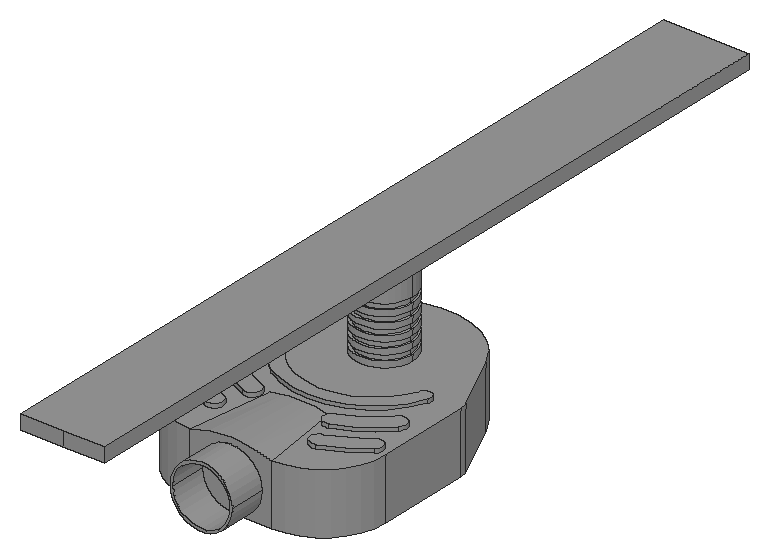
Revit family "LINEA INFLOOR LINE 70", category Plumbing Fixtures, Revit 2019
Family settings
  Round Connector Dimension = Use Diameter
  Part Type = Normal
  OmniClass Number = 23.45.00.00
  OmniClass Title = Sanitary, Laundry, and Cleaning Equipment
  Work Plane-Based = No
  Always vertical = Yes
  Cut with Voids When Loaded = No
  Shared = No
  Room Calculation Point = No
Reference planes
  plane 1 "Center (Front/Back)": y = 0
  plane 2: z = 0
  plane 3 "Center (Left/Right)": x = 0
Forms (mm)
  Revolve 1, solid
    sketch origin (0, 59.948, 26) x (1, 0, 0) y (0, 0, 1)
      loop
        line (192.5, 0) -> (192.5, -106) -> (217.5, -106) -> (217.5, -103) -> (215.26, -103) -> (215.26, -98) -> (217.5, -98) -> (217.5, -93) -> (215.26, -93) -> (215.26, -88) -> (217.5, -88) -> (217.5, -83) -> (215.26, -83) -> (215.26, -78) -> (217.5, -78) -> (217.5, -73) -> (215.26, -73) -> (215.26, -68) -> (217.5, -68) -> (217.5, -63) -> (215.26, -63) -> (215.26, -58) -> (217.5, -58) -> (217.5, -53) -> (215.26, -53) -> (215.26, -48) -> (217.5, -48) -> (217.5, -43) -> (215.26, -43) -> (215.26, -38) -> (217.5, -38) -> (217.5, -33) -> (215.26, -33) -> (215.26, -28) -> (217.5, -28) -> (217.5, 0) -> (192.5, 0)
      axis (192.5, -106) -> (192.5, 0)
    angle from 0 to 360
  Extrusion 2, solid
    sketch origin (0, 0, 0) x (1, 0, 0) y (0, 1, 0)
      loop
        line (101.5, 29.896) -> (101.5, -52.052)
        arc (101.5, -52.052) -> (117.609, -90.943) -> (156.5, -107.052) r 55
        line (156.5, -107.052) -> (228.5, -107.052)
        arc (228.5, -107.052) -> (267.391, -90.943) -> (283.5, -52.052) r 55
        line (283.5, -52.052) -> (283.5, 29.896)
        arc (283.5, 29.896) -> (283.085, 33.627) -> (281.862, 37.176) r 17
        line (281.862, 37.176) -> (256.659, 90.355)
        arc (256.659, 90.355) -> (192.5, 130.948) -> (128.341, 90.355) r 71
        line (128.341, 90.355) -> (103.138, 37.176)
        arc (103.138, 37.176) -> (101.915, 33.627) -> (101.5, 29.896) r 17
    from -106 to -53
  Extrusion 3, solid
    sketch origin (0, 0, 7.5) x (1, 0, 0) y (0, 0, 1)
      loop
        circle (192.5, -87) r 25
      loop
        circle (192.5, -87) r 27
    from 87.052 to 139.052
  Blend 4, solid
    base sketch origin (0, 0, 0) x (1, 0, 0) y (0, 0, 1)
      loop
        line (156.5, -53) -> (228.5, -53)
        arc (228.5, -53) -> (192.5, -47) -> (156.5, -53) r 111
    top sketch origin (0, 0, 0) x (1, 0, 0) y (0, 0, 1)
      loop
        line (167.222, -53) -> (217.778, -53)
        arc (217.778, -53) -> (192.5, -50) -> (167.222, -53) r 108
    from 107.052 to 33.19
  Extrusion 5, solid
    sketch origin (0, 0, 0) x (1, 0, 0) y (0, 1, 0)
      loop
        arc (135.068, 26.59) -> (127.25, 29.888) -> (123.952, 22.07) r 6
        arc (123.952, 22.07) -> (192.5, -24.052) -> (261.048, 22.07) r 74
        arc (261.048, 22.07) -> (257.75, 29.888) -> (249.932, 26.59) r 6
        arc (249.932, 26.59) -> (192.5, -12.052) -> (135.068, 26.59) r 62
      loop
        arc (126.84, -10.134) -> (115.996, -9.345) -> (115.733, -20.215) r 7.509
        arc (115.733, -20.215) -> (133.807, -35.907) -> (154.989, -47.052) r 104
        arc (154.989, -47.052) -> (164.69, -42.762) -> (160.399, -33.062) r 7.5
        arc (160.399, -33.062) -> (142.294, -23.539) -> (126.84, -10.134) r 89
      loop
        arc (119.682, -44.172) -> (108.999, -44.172) -> (108.999, -54.855) r 7.554
        arc (108.999, -54.855) -> (125.817, -66.282) -> (144.169, -75.033) r 134
        arc (144.169, -75.033) -> (153.869, -70.743) -> (149.579, -61.042) r 7.5
        arc (149.579, -61.042) -> (134.019, -53.691) -> (119.682, -44.172) r 119
      loop
        arc (258.16, -10.134) -> (242.706, -23.539) -> (224.601, -33.062) r 89
        arc (224.601, -33.062) -> (220.31, -42.762) -> (230.011, -47.052) r 7.5
        arc (230.011, -47.052) -> (251.193, -35.907) -> (269.267, -20.215) r 104
        arc (269.267, -20.215) -> (269.004, -9.345) -> (258.16, -10.134) r 7.509
      loop
        arc (265.318, -44.172) -> (250.981, -53.691) -> (235.421, -61.042) r 119
        arc (235.421, -61.042) -> (231.131, -70.743) -> (240.831, -75.033) r 7.5
        arc (240.831, -75.033) -> (259.183, -66.282) -> (276.001, -54.855) r 134
        arc (276.001, -54.855) -> (276.001, -44.172) -> (265.318, -44.172) r 7.554
    from -53 to -49.925
  Extrusion 6, solid
    sketch origin (0, 0, 0) x (1, 0, 0) y (0, 1, 0)
      loop
        line (192.5, -290.052) -> (229.5, -290.052) -> (229.5, 409.948) -> (192.5, 409.948) -> (155.5, 409.948) -> (155.5, -290.052) -> (192.5, -290.052)
    from 26 to 38.43
Cuts and joins
  joined: Extrusion 2, Extrusion 3, Blend 4
Dimensions and locks
  aligned and locked: level to plane 2
Connectors
  piping at (192.5, -139.052, -79.5), diameter 50
    settings: on cut or joined group of Extrusion 2, Extrusion 3, Blend 4, index 1, connector inside diameter 609.6 mm, connector length 0 mm, flow factor 0, pipe flow 0.0 L/s, pressure drop 0.0 Pa, fitting loss kfactor 0, connector angle 0.00°, fixture units 0, engagement length 0 mm, angle of deflection 0.00°, flow configuration 0, flow direction 0, fitting loss method 0, system type 7, joint type 0, gender type 0, connector reference index -1, connector utility 0, adjustable connector no, is connector primary yes, connector description ""
